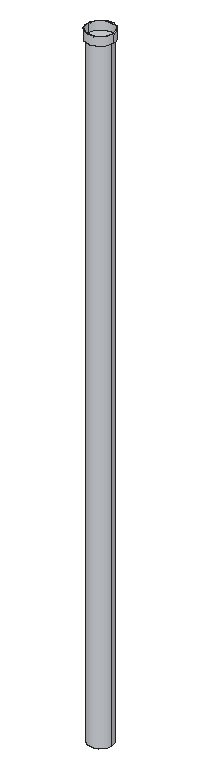
Revit family
Reference planes (in)
  plane 1 "Center (Front/Back)": y = 0
  plane 2: z = 0
  plane 3 "Center (Left/Right)": x = 0
Forms (in)
  Extrusion 1, solid
    sketch origin (0, 0, 0) x (1, 0, 0) y (0, 1, 0)
      loop
        circle (0.0136, -0.05644) r 2.48
    from 0 to 1.53906
  Extrusion 2, solid
    sketch origin (0, 0, 0) x (1, 0, 0) y (0, 1, 0)
      loop
        circle (0, 0) r 2.1
    from 0 to -117.6
  Extrusion 3, void
    sketch origin (0, 0, 1.53906) x (0, 1, 0) y (1, 0, 0)
      loop
        circle (-0.05644, 0.0136) r 2.4
    from 0 to 1.5
Cuts and joins
  Extrusion 3 cuts Extrusion 1
  Extrusion 3 cuts Extrusion 2
Dimensions and locks (in)
  aligned and locked: level to plane 2
Connectors (in)
  piping at (0, 0, -117.6)
    settings: on cut or joined group of Extrusion 2, Extrusion 3, index 2, connector radius 2", flow factor 0, pipe flow 0 GPM, pressure drop 0.00 psi, fitting loss kfactor 0, connector angle 0.00°, fixture units 0, flow configuration 0, flow direction 0, fitting loss method 0, system type 19, connector reference index -1, connector utility 0, adjustable connector no, is connector primary yes, fitting loss table "", connector description ""
  piping at (0.0136, -0.05644, 0.03906)
    settings: on cut or joined group of Extrusion 1, Extrusion 3, index 3, connector radius 2 51/128", flow factor 0, pipe flow 0 GPM, pressure drop 0.00 psi, fitting loss kfactor 0, connector angle 0.00°, fixture units 0, flow configuration 0, flow direction 0, fitting loss method 0, system type 19, connector reference index -1, connector utility 0, adjustable connector no, is connector primary no, fitting loss table "", connector description ""
